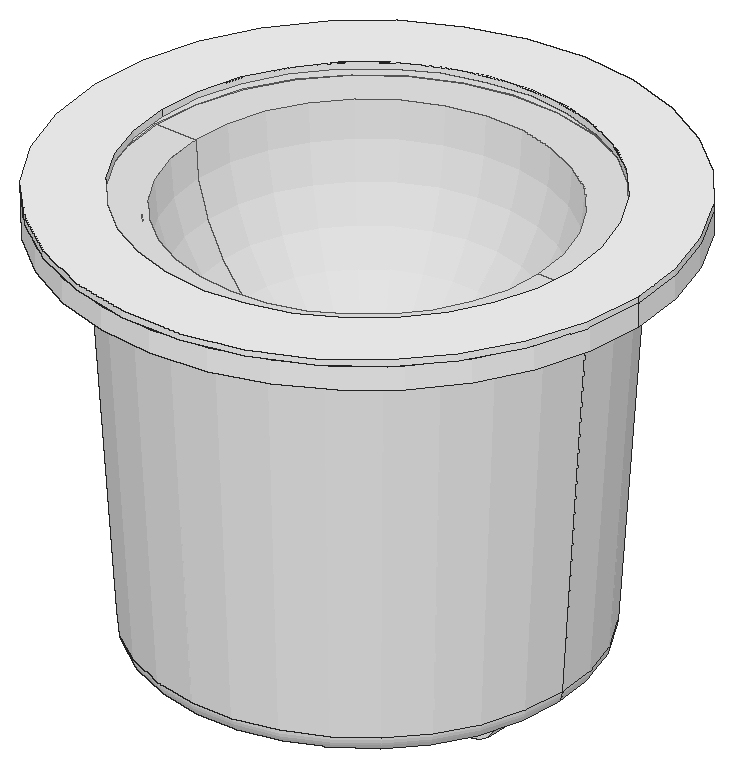
Revit family "2058858 Feilo Sylvania Lighting Fixture MYRD IP ST 2-7K PHDMEM WHT WBEZ", category Lighting Fixtures, host Face, Revit 2017
Family settings
  Host = Face
  Round Connector Dimension = Use Diameter
  Part Type = Normal
  OmniClass Number = 23.80.70.11.17
  OmniClass Title = Specialized Lighting by Location or Use
  Cut with Voids When Loaded = No
  Light Source = Yes
  Shared = No
  Room Calculation Point = No
Parameters
  Weight = "1.44 kg"
  Wattage = 15 W
  WarrantyStartDate [instance] = "n/a"
  WarrantyGuarantorParts = "n/a"
  WarrantyDurationUnit = "n/a"
  WarrantyDurationParts = "n/a"
  WarrantyDescription = "n/a"
  built-in parameter 1150110 = 1 (stored number, unit not read)
  Voltage = 230 V
  URL = "http://www.sylvania-lighting.com"
  TypeName = "MYRD IP ST 2.7K PHDMEM WHT WBEZ"
  Type Image = 0
  Type Comments = ""
  built-in parameter 1114217 = 1 (stored number, unit not read)
  Tilt Angle = -90°
  built-in parameter 1150109 = 1 (stored number, unit not read)
  built-in parameter 1150134 = (empty or 0)
  built-in parameter 1150113 = 1 (stored number, unit not read)
  SerialNumber [instance] = "n/a"
  Reflector Radius = Cutout Diameter / 2 - 2.5 mm  # 35.0 mm
  Reflector Material = Aluminum_Sylvania_Myriad_Bright
  Recessed Depth = Height  # 72.0 mm
  PowerFactor = 0
  PowerConsumption = "15 W"
  Photometric Web File = "2058858.ies"
  NominalWidth = 0.0 mm
  NominalLength = 76.0 mm
  NominalHeight = 72.0 mm
  Name = "MYRD IP ST 2.7K PHDMEM WHT WBEZ"
  ModelReference = "MYRD IP ST 2.7K PHDMEM WHT WBEZ"
  ModelNumber = "2058858"
  Material = "Aluminium"
  ManufacturerName = "Feilo Sylvania"
  LuminousEfficacy = "70 lm/W"
  LuminaireType = "Ceiling recessed"
  LightOutputRatio = "1"
  LampsType = Lamp  # "LED"
  LampNominalLuminous = "1046 lm"
  LampMacAdamStep = "n/a"
  LampColourTemperature = "2700 K"
  LampColourRenderingIndex = "n/a"
  Keynote = "16500"
  Keynote_2 = "16500"
  InstallationDate [instance] = "n/a"
  InputVoltage = "230-240V~"
  InputNominalFrequency = "50/60 Hz"
  IngressProtection = "IP65"
  ImpactProtectionIndex = "IK02"
  IfcExportType = "IfcLightFixtureType"
  IfcExportAs = "IfcLightFixtureType"
  Height = 72.0 mm  # constant formula
  ExpectedLife = 50000
  Emit from Circle Diameter = Accessory Inner Diameter 2  # 68.0 mm
  Emit Shape Visible in Rendering = no
  ElectricShockClassification = "Class II"
  DurationUnit = "hours"
  DocumentationLiterature = "http://www.sylvania-lighting.com/product/en-int/products/2058858"
  DimmingControlOptions = "Dimmable"
  Diffuser Material = Glass_Sylvania_Myriad_Clear_4000K
  Diffuser Diameter = Cutout Diameter  # 75.0 mm
  Cutout Diameter = 75.0 mm  # constant formula
  CreatedOn = "03-11-2017"
  CreatedBy = ""
  Cost = 0
  built-in parameter 1114216 [instance] = 1 (stored number, unit not read)
  Model = "MYRD IP ST 2.7K PHDMEM WHT WBEZ"
  Manufacturer = "Feilo Sylvania"  # constant formula
  built-in parameter 1150105 = 83.556 (stored number, unit not read)
  Lumens = 1050 lm
  built-in parameter 1150115 = 1 (stored number, unit not read)
  built-in parameter 1150137 = (empty or 0)
  built-in parameter 1150139 = (empty or 0)
  built-in parameter 1150112 = 1 (stored number, unit not read)
  built-in parameter 1150114 = 1 (stored number, unit not read)
  Lamp = "LED"
  built-in parameter 1150132 = (empty or 0)
  built-in parameter 1150102 = (empty or 0)
  built-in parameter 1150107 = 2700 (stored number, unit not read)
  built-in parameter 1150138 = (empty or 0)
  built-in parameter 1150106 = 0.83556 (stored number, unit not read)
  built-in parameter 1150104 = 6.5032 (stored number, unit not read)
  Dimming Lamp Color Temperature Shift = (empty or 0)
  Description = "Supplied complete with electronic control gear Compact Fluorescent low energy downlight Emergency version passes through the cut out Ideal for low level orientation lighting New range of Architectural accessories each providing a different lit dimension New completely flush plaster up accessory ring for clean ceiling lines and smooth finish Order lamp separately"  # constant formula
  Default Elevation = 0.0 mm
  Color Filter = 16777215
  built-in parameter 1140040 [instance] = 1
  Body Radius = Reflector Radius + 1.5 mm  # 36.5 mm
  Body Material = Aluminum_Sylvania_Myriad_Gray
  BarCode [instance] = "n/a"
  built-in parameter 1114218 = 1 (stored number, unit not read)
  built-in parameter 1150133 = 10 (stored number, unit not read)
  AssetType = "Fixed"
  AssetIdentifier [instance] = "n/a"
  Assembly Code = "D5020200"
  Apparent Load = 15 VA
  Accessory Material = Aluminum_Sylvania_Myriad_White
  Accessory Inner Diameter 2 = Accessory Diameter - 22.0 mm  # 68.0 mm
  Accessory Inner Diameter 1 = Accessory Diameter - 2.0 mm  # 88.0 mm
  Accessory Diameter = Cutout Diameter + 15.0 mm  # 90.0 mm
Reference planes
  plane 1 "Center (Front/Back)": y = 0
  plane 2: z = 0
  plane 3 "Center (Left/Right)": x = 0
  plane 4: z = 2
  plane 5 "Fixture Bottom": z = 4.5
  plane 6: z = -28.5
  plane 7: z = -61.5
  plane 8 "Fixture Top": z = -67.5
  plane 9: z = 3.5
Forms (mm)
  Revolve 1, solid, material "Aluminum_Sylvania_Myriad_Bright" <- "Reflector Material", detail levels fine
    sketch origin (0, 0, 0) x (1, 0, 0) y (0, 0, 1)
      loop
        line (0, -27.515) -> (-6, -27.515)
        arc (-6, -27.515) -> (-22.333, -16.632) -> (-28.5, 2) r 30.135
        line (-28.5, 2) -> (-35, 2) -> (-35, 0) -> (-29.184, 0)
        arc (-29.184, 0) -> (-22.423, -18.18) -> (-6, -28.5) r 30.204
        line (-6, -28.5) -> (0, -28.5) -> (0, -27.515)
      axis (0, -28.5) -> (0, 2)
    angle from 0 to 360
  Revolve 2, solid, material "Aluminum_Sylvania_Myriad_Gray" <- "Body Material", detail levels fine
    sketch origin (0, 0, 0) x (1, 0, 0) y (0, 0, 1)
      loop
        line (-44, 2) -> (-44, 0) -> (-36.5, 0) -> (-32.42, -58.708)
        arc (-32.42, -58.708) -> (-31.474, -60.694) -> (-29.428, -61.5) r 3
        line (-29.428, -61.5) -> (0, -61.5) -> (0, -28.5) -> (-6, -28.5)
        arc (-6, -28.5) -> (-22.423, -18.18) -> (-29.184, 0) r 30.204
        line (-29.184, 0) -> (-35, 0) -> (-35, 2) -> (-44, 2)
      axis (0, 2) -> (0, -61.5)
    angle from 0 to 360
  Extrusion 3, solid, material "Aluminum_Sylvania_Myriad_Gray" <- "Body Material", detail levels fine
    sketch origin (0, 0, 0) x (1, 0, 0) y (0, 0, 1)
      loop
        line (-13.5, -67.5) -> (21, -67.5)
        arc (21, -67.5) -> (23.828, -66.328) -> (25, -63.5) r 4
        line (25, -63.5) -> (25, -61.5) -> (-17.5, -61.5) -> (-17.5, -63.5)
        arc (-17.5, -63.5) -> (-16.328, -66.328) -> (-13.5, -67.5) r 4
    from -4.5 to 4.5
  Extrusion 4, solid, material "Aluminum_Sylvania_Myriad_White" <- "Accessory Material", detail levels fine
    sketch origin (0, 0, 0) x (1, 0, 0) y (0, 1, 0)
      loop
        circle (0, 0) r 45
      loop
        circle (0, 0) r 44
    from 0 to 3.5
  Extrusion 5, solid, material "Aluminum_Sylvania_Myriad_White" <- "Accessory Material", detail levels fine
    sketch origin (0, 0, 0) x (1, 0, 0) y (0, 1, 0)
      loop
        circle (0, 0) r 45
      loop
        circle (0, 0) r 34
    from 3.5 to 4.5
  Extrusion 6, solid, material "Aluminum_Sylvania_Myriad_White" <- "Accessory Material", detail levels coarse+medium
    sketch origin (0, 0, 0) x (1, 0, 0) y (0, 1, 0)
      loop
        circle (0, 0) r 45
    from 0 to 4.5
  Revolve 7, solid, detail levels coarse+medium
    sketch origin (0, 0, 0) x (1, 0, 0) y (0, 0, 1)
      loop
        line (36.5, 0) -> (0, 0) -> (0, -61.5) -> (32.226, -61.5) -> (36.5, 0)
      axis (0, 0) -> (0, -61.5)
    angle from 0 to 360
  Extrusion 8, void
    sketch origin (0, 0, 0) x (1, 0, 0) y (0, 1, 0)
      loop
        circle (0, 0) r 37.5
    from -67.5 to 0
  Extrusion 9, solid, material "Glass_Sylvania_Myriad_Clear_4000K" <- "Diffuser Material", detail levels fine
    sketch origin (0, 0, 0) x (1, 0, 0) y (0, 1, 0)
      loop
        circle (0, 0) r 37.5
    from 2 to 3.5
Cuts and joins
  joined: Extrusion 4, Extrusion 5
Lines and regions (mm)
  Masking region 1
    outline origin (0, 0, 0) x (1, 0, 0) y (0, 1, 0)
      loop
        circle (0, 0) r 45
  symbolic lines
    curve 1: arc (-34, 0, 0) -> (0, 34, 0) -> (34, 0, 0) r 34
    curve 2: arc (34, 0, 0) -> (0, -34, 0) -> (-34, 0, 0) r 34
Dimensions and locks
  locked: plane 7 to plane 8 "Fixture Top" at 6
  "Body Radius": Revolve 7 sketch curve to plane 3 "Center (Left/Right)"
  locked: Revolve 7 sketch curve to Revolve 7 sketch curve at 4.274
  plane 5 "Fixture Bottom" to plane 9 to plane 4 to plane 2 to plane 6 = 1.0 mm locked, 1.5 mm locked, 2.0 mm locked, 28.5 mm locked
  "Reflector Radius": Revolve 1 sketch curve to plane 3 "Center (Left/Right)"
  Revolve 1 sketch curve to Revolve 1 sketch curve to Revolve 1 sketch curve to Revolve 1 sketch curve = 6.5 mm locked, 22.5 mm locked, 0.0 mm locked
  "Reflector Radius": plane 3 "Center (Left/Right)" to Revolve 2 sketch curve
  Revolve 2 sketch curve to Revolve 2 sketch curve to Revolve 2 sketch curve = 7.5 mm locked, 1.5 mm locked
  Revolve 2 sketch curve to Revolve 2 sketch curve to Revolve 2 sketch curve = 5.816 mm locked, 23.184 mm locked
  Revolve 2 sketch curve to Revolve 2 sketch curve to Revolve 2 sketch curve = 2.58 mm locked, 2.993 mm locked
  "Accessory Diameter": diameter of Extrusion 4 sketch curve
  "Accessory Inner Diameter 1": diameter of Extrusion 4 sketch curve
  "Accessory Diameter": diameter of Extrusion 5 sketch curve
  "Accessory Diameter": diameter of Extrusion 6 sketch curve
  "Cutout Diameter": diameter of Extrusion 8 sketch curve
  "Accessory Inner Diameter 2": diameter of Extrusion 5 sketch curve
  "Diffuser Diameter": diameter of Extrusion 9 sketch curve
  aligned and locked: plane 2 to host face
  aligned and locked: level to host face
  aligned and locked: plane 1 "Center (Front/Back)" to imposter light
  aligned and locked: plane 3 "Center (Left/Right)" to imposter light
  aligned and locked: Revolve 1 sketch curve to imposter light
  aligned and locked: Extrusion 3 sketch curve to plane 8 "Fixture Top"
  aligned and locked: plane 7 to Extrusion 3 sketch curve
  aligned and locked: Extrusion 4 to plane 2
  aligned and locked: plane 9 to Extrusion 4
  aligned and locked: Extrusion 5 to plane 9
  aligned and locked: plane 5 "Fixture Bottom" to Extrusion 5
  aligned and locked: Extrusion 6 to plane 2
  aligned and locked: plane 5 "Fixture Bottom" to Extrusion 6
  aligned and locked: Extrusion 8 to plane 8 "Fixture Top"
  aligned and locked: plane 2 to Extrusion 8
  aligned and locked: Masking region 1 sketch curve to Extrusion 6  (x2)
  aligned and locked: Extrusion 9 to plane 4
  aligned and locked: plane 9 to Extrusion 9
  aligned and locked: plane 4 to Revolve 2 sketch curve
  aligned and locked: Revolve 2 sketch curve to plane 2
  aligned and locked: curve 1 to cut or joined group of Extrusion 4, Extrusion 5
  aligned and locked: curve 2 to cut or joined group of Extrusion 4, Extrusion 5
  aligned and locked: imposter light to plane 5 "Fixture Bottom"
Automatic sketch dimensions
  host sketch curve to host sketch curve = 1305.563 mm
  host sketch curve to host sketch curve = 1283.632 mm
  Extrusion 3 sketch curve to plane 7 = 2.0 mm
  Extrusion 3 sketch curve to plane 3 "Center (Left/Right)" = 13.5 mm
  plane 3 "Center (Left/Right)" to Extrusion 3 sketch curve = 21.0 mm
  Extrusion 3 sketch curve to Extrusion 3 sketch curve = 4.0 mm
  Revolve 1 sketch curve to level = 0.0 mm
  Revolve 1 sketch curve to plane 3 "Center (Left/Right)" = 0.0 mm
  Revolve 1 sketch curve to plane 6 = 0.0 mm
  Revolve 1 sketch curve to plane 4 = 0.0 mm
  Revolve 1 sketch curve to Revolve 1 sketch curve = 0.684 mm
  level to Revolve 1 sketch curve = 0.88 mm
  Revolve 1 sketch curve to plane 4 = 0.363 mm
  Revolve 1 sketch curve to Revolve 1 sketch curve = 0.625 mm
  Revolve 1 sketch curve to plane 8 "Fixture Top" = 232.8 mm
  plane 5 "Fixture Bottom" to Revolve 1 sketch curve = 291.243 mm
  Revolve 2 sketch curve to plane 3 "Center (Left/Right)" = 0.0 mm  (x2)
  Revolve 2 sketch curve to plane 7 = 0.0 mm
  Revolve 2 sketch curve to plane 6 = 0.0 mm
  Revolve 2 sketch curve to level = 0.0 mm
  level to Revolve 2 sketch curve = 0.88 mm
  plane 7 to Revolve 2 sketch curve = 2.792 mm
  Revolve 2 sketch curve to plane 8 "Fixture Top" = 304.774 mm
  plane 5 "Fixture Bottom" to Revolve 2 sketch curve = 1137.105 mm
  Extrusion 4 sketch curve to Extrusion 4 sketch curve = 0.0 mm  (x2)
  plane 1 "Center (Front/Back)" to Extrusion 4 sketch curve = 0.0 mm
  Extrusion 4 sketch curve to plane 3 "Center (Left/Right)" = 0.0 mm
  Extrusion 5 sketch curve to Extrusion 5 sketch curve = 0.0 mm  (x2)
  plane 1 "Center (Front/Back)" to Extrusion 5 sketch curve = 0.0 mm
  Extrusion 5 sketch curve to plane 3 "Center (Left/Right)" = 0.0 mm
  plane 1 "Center (Front/Back)" to Extrusion 6 sketch curve = 0.0 mm
  Extrusion 6 sketch curve to plane 3 "Center (Left/Right)" = 0.0 mm
  Revolve 7 sketch curve to level = 0.0 mm
  Revolve 7 sketch curve to plane 3 "Center (Left/Right)" = 0.0 mm  (x2)
  Revolve 7 sketch curve to plane 7 = 0.0 mm
  Revolve 7 sketch curve to plane 8 "Fixture Top" = 304.774 mm
  plane 5 "Fixture Bottom" to Revolve 7 sketch curve = 43.226 mm
  plane 1 "Center (Front/Back)" to Extrusion 8 sketch curve = 0.0 mm
  Extrusion 8 sketch curve to plane 3 "Center (Left/Right)" = 0.0 mm
  plane 1 "Center (Front/Back)" to Extrusion 9 sketch curve = 0.0 mm
  Extrusion 9 sketch curve to plane 3 "Center (Left/Right)" = 0.0 mm
Connectors
  electrical at (-0.006, -0.019, -67.5), driven by "Apparent Load", driven by "Apparent Load"
    settings: on plane 8 "Fixture Top", index 1, voltage 230 V, apparent load 15 VA, apparent load phase1 15 VA, apparent load phase2 0 VA, apparent load phase3 0 VA, power factor 1, load classification "Lighting", number of poles 1, system type 30, power factor state 1, is connector primary yes, connector utility no, sub classification motor no, connector description ""
